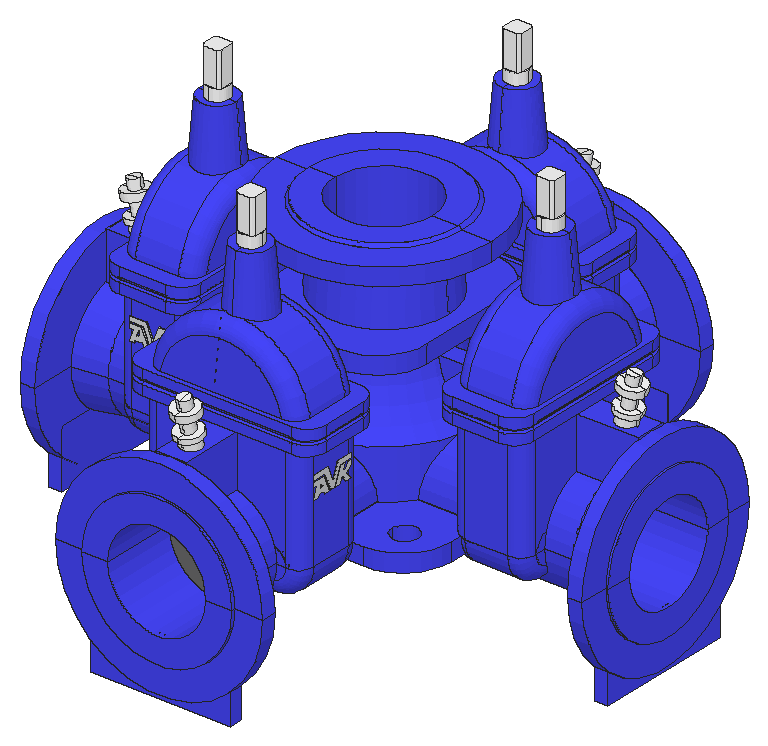
Revit family "18-70-003 DN100", category Pipe Accessories, Revit 2022
Family settings
  Round Connector Dimension = Use Diameter
  Part Type = Valve - Breaks Into
  Work Plane-Based = No
  Always vertical = Yes
  Cut with Voids When Loaded = No
  Shared = No
Parameters (values of type "DN100_PN10/16")
  main_dim1 = Bore_R * 1.25  # 62.5 mm
  body_dim1 = size_lookup(Search_table, "body_dim1", 0 mm, DN) * 0.7  # 98.7 mm
  P1 = size_lookup(Search_table, "p1", 0 mm, DN)  # 240 mm
  OD2 = OD1 * 1.1  # 66.55 mm
  OD1 = OD * 0.55  # 60.5 mm
  L_half = L / 4  # 145 mm
  L5 = L2 * 1.35  # 143.1 mm
  L2 = size_lookup(Search_table, "L2", 0 mm, DN) / 2  # 106 mm
  L-L1 = (L - L1) / 2  # 120 mm
  L1 = size_lookup(Search_table, "L1", 0 mm, DN)  # 340 mm
  H1 = size_lookup(Search_table, "H1", 0 mm, DN)  # 225 mm
  F3 = size_lookup(Search_table, "F3", 0 mm, DN)  # 35 mm
  W = size_lookup(Search_table, "W", 0 mm, DN) / 2  # 106 mm
  URL_product_pages = "https://www.avkvalves.com/P.aspx?no=18100700140000099"
  Search_table = "18-70-003 DN100"
  Raised_dis = size_lookup(Search_table, "Raised_dis", 0 mm, DN)  # 3 mm
  Raised_R = size_lookup(Search_table, "Raised_R", 0 mm, DN)  # 76.5 mm
  OD = size_lookup(Search_table, "OD", 0 mm, DN)  # 110 mm
  L = size_lookup(Search_table, "L", 0 mm, DN)  # 580 mm
  H3-H = H3 - H  # 110 mm
  H3 = size_lookup(Search_table, "H3", 0 mm, DN)  # 415 mm
  H = size_lookup(Search_table, "H", 0 mm, DN)  # 305 mm
  FL_T = size_lookup(Search_table, "FL_T", 0 mm, DN)  # 18 mm
  FL_R = size_lookup(Search_table, "FL_R", 0 mm, DN)  # 110 mm
  F2 = size_lookup(Search_table, "F2", 0 mm, DN)  # 47 mm
  F1 = size_lookup(Search_table, "F1", 0 mm, DN) / 2  # 11.5 mm
  F = size_lookup(Search_table, "F", 0 mm, DN) / 2  # 9.5 mm
  Dh = size_lookup(Search_table, "Dh", 0 mm, DN)  # 180 mm
  Description_ = "AVK COMBI-CROSS, FLANGED, 4 OUTLETS, PN10/16"
  Default Elevation = 0 mm
  DN100_PN10/16 = "18-100-70-0140000099"
  DN = 100 mm
  Bore_R = size_lookup(Search_table, "Bore_R", 0 mm, DN)  # 50 mm
  Body_H = size_lookup(Search_table, "Body_H", 0 mm, DN)  # 122 mm
  50 = 50 mm  # constant formula
  5 = 5 mm  # constant formula
  27 = 27 mm  # constant formula
  20 = 20 mm  # constant formula
  1 = 1 mm  # constant formula
Reference planes
  plane 1 "Center (Front/Back)": y = 0
  plane 2: z = 0
  plane 3 "Center (Left/Right)": x = 0
  plane 4: x = -290
  plane 5: x = 290
  plane 6: x = -146.9
  plane 7: x = 146.9
  plane 8: y = 290
  plane 9: y = -290
  plane 10: y = 145
  plane 11: y = -145
  plane 12: y = 170
  plane 13: y = -170
  plane 14: x = -170
  plane 15: x = 170
  plane 16: y = 106
  plane 17: y = -106
  plane 18: x = -106
  plane 19: x = 106
  plane 20: z = 50
  plane 21: z = -50
  plane 22: z = 50
  plane 23: z = 50
  plane 24: z = 305
  plane 25: z = -110
  plane 26: z = 225
  plane 27: z = 122
  plane 28: z = 258
  plane 29: z = 270
  plane 30: y = 11.5
  plane 31: y = -11.5
  plane 32: y = -179.5
  plane 33: y = -160.5
  plane 34: x = -11.5
  plane 35: x = -9.5
  plane 36: x = 9.5
  plane 37: x = 11.5
Forms (mm)
  Extrusion 1, solid, material "Laminate, Blue, Matte"
    sketch origin (0, 0, 0) x (1, 0, 0) y (0, 0, 1)
      loop
        circle (0, 0) r 50
      loop
        circle (0, 0) r 55
    from -170 to 170
  Revolve 2, solid, material "Laminate, Blue, Matte"
    sketch origin (0, 0, 0) x (1, 0, 0) y (0, 0, 1)
      loop
        line (-170, 55) -> (-170, 50) -> (170, 50) -> (170, 55) -> (-170, 55)
      axis (-170, 0) -> (170, 0)
    angle from 0 to 360
  Extrusion 3, solid, material "Laminate, Blue, Matte"
    sketch origin (-2005.196, -1524, 814.716) x (-1, 0, 0) y (0, -1, 0)
      loop
        arc (-1912.096, -1667.1) -> (-1876.74, -1652.455) -> (-1862.096, -1617.1) r 50
        line (-1862.096, -1617.1) -> (-1862.096, -1430.9)
        arc (-1862.096, -1430.9) -> (-1876.74, -1395.545) -> (-1912.096, -1380.9) r 50
        line (-1912.096, -1380.9) -> (-2098.296, -1380.9)
        arc (-2098.296, -1380.9) -> (-2133.651, -1395.545) -> (-2148.296, -1430.9) r 50
        line (-2148.296, -1430.9) -> (-2148.296, -1617.1)
        arc (-2148.296, -1617.1) -> (-2133.651, -1652.455) -> (-2098.296, -1667.1) r 50
        line (-2098.296, -1667.1) -> (-1912.096, -1667.1)
      loop
        circle (-1899.196, -1630) r 13.5
      loop
        circle (-2111.196, -1630) r 13.5
      loop
        circle (-1899.196, -1418) r 13.5
      loop
        circle (-2111.196, -1418) r 13.5
    from -814.716 to -832.716
  Revolve 4, solid, material "Laminate, Blue, Matte"
    sketch origin (0, 0, 0) x (1, 0, 0) y (0, 0, 1)
      loop
        line (0, 122) -> (-62.5, 122)
        arc (-62.5, 122) -> (-70.465, 81.551) -> (-97, 50) r 82.535
        line (-97, 50) -> (-97, -20)
        arc (-97, -20) -> (-50.758, -42.302) -> (0, -50) r 172.429
        line (0, -50) -> (0, 122)
      axis (0, 122) -> (0, -50)
    angle from 0 to 360
  Revolve 5, solid, material "Laminate, Blue, Matte"
    sketch origin (0, 0, 0) x (1, 0, 0) y (0, 0, 1)
      loop
        line (50, 225) -> (50, 122) -> (66.55, 122) -> (60.5, 204) -> (110, 204) -> (110, 222) -> (79.5, 222) -> (76.5, 225) -> (50, 225)
      axis (0, 225) -> (0, 122)
    angle from 0 to 360
  Extrusion 6, solid, material "Laminate, Blue, Matte"
    sketch origin (-693.189, -1524, 122) x (-1, 0, 0) y (0, -1, 0)
      loop
        arc (-660.638, -1622.7) -> (-625.283, -1608.055) -> (-610.638, -1572.7) r 50
        line (-610.638, -1572.7) -> (-610.638, -1475.3)
        arc (-610.638, -1475.3) -> (-625.283, -1439.945) -> (-660.638, -1425.3) r 50
        line (-660.638, -1425.3) -> (-725.74, -1425.3)
        arc (-725.74, -1425.3) -> (-761.095, -1439.945) -> (-775.74, -1475.3) r 50
        line (-775.74, -1475.3) -> (-775.74, -1572.7)
        arc (-775.74, -1572.7) -> (-761.095, -1608.055) -> (-725.74, -1622.7) r 50
        line (-725.74, -1622.7) -> (-660.638, -1622.7)
    from 0 to 18
  Extrusion 7, solid, material "Laminate, Blue, Matte"
    sketch origin (0, 0, 0) x (1, 0, 0) y (0, 0, 1)
      loop
        line (-170, 106) -> (-170, 0) -> (170, 0) -> (170, 106) -> (-170, 106)
    from -9.5 to 9.5
  Extrusion 8, solid, material "Laminate, Blue, Matte"
    sketch origin (0, 0, 0) x (0, 1, 0) y (0, 0, 1)
      loop
        line (170, 106) -> (-170, 106) -> (-170, 0) -> (170, 0) -> (170, 106)
    from -9.5 to 9.5
Dimensions and locks
  equal spacing: plane 5, plane 3 "Center (Left/Right)", plane 4
  "L": plane 5 to plane 4
  "L5": plane 6 to plane 4
  equal spacing: plane 7, plane 3 "Center (Left/Right)", plane 6
  equal spacing: plane 8, plane 1 "Center (Front/Back)", plane 9
  "L": plane 8 to plane 9
  equal spacing: plane 10, plane 1 "Center (Front/Back)", plane 11
  "L_half": plane 10 to plane 1 "Center (Front/Back)"
  plane 5 to plane 4 = 580 mm
  plane 8 to plane 9 = 580 mm  (x2)
  plane 9 to plane 8 = 580 mm
  plane 4 to plane 5 = 580 mm
  equal spacing: plane 14, plane 3 "Center (Left/Right)", plane 15
  equal spacing: plane 13, plane 1 "Center (Front/Back)", plane 12
  "L1": plane 13 to plane 12
  "L1": plane 14 to plane 15
  equal spacing: plane 17, plane 1 "Center (Front/Back)", plane 16
  plane 17 to plane 16 = 212 mm
  "L2": plane 1 "Center (Front/Back)" to plane 16
  equal spacing: plane 18, plane 3 "Center (Left/Right)", plane 19
  plane 18 to plane 19 = 212 mm  (x2)
  "L2": plane 18 to plane 3 "Center (Left/Right)"
  equal spacing: plane 20, level, plane 21
  "Bore_R": Extrusion 1 sketch curve to level
  "Bore_R": plane 20 to level
  "5": Extrusion 1 sketch curve to plane 20
  equal spacing: Extrusion 1 sketch curve, plane 3 "Center (Left/Right)", Extrusion 1 sketch curve  (x2)
  equal spacing: Extrusion 1, plane 1 "Center (Front/Back)", Extrusion 1
  "L-L1": plane 8 to Extrusion 1
  "L-L1": Revolve 2 sketch curve to plane 4
  equal spacing: Revolve 2 sketch curve, plane 3 "Center (Left/Right)", Revolve 2 sketch curve
  "Bore_R": plane 22 to level
  "5": Revolve 2 sketch curve to plane 22
  "Bore_R": plane 23 to level
  "H": plane 24 to level
  "H3-H": level to plane 25
  plane 24 to plane 25 = 415 mm  (x2)
  "H1": plane 26 to level
  "Body_H": plane 27 to level
  equal spacing: Extrusion 3 sketch curve, plane 3 "Center (Left/Right)", Extrusion 3 sketch curve  (x3)
  equal spacing: Extrusion 3 sketch curve, plane 1 "Center (Front/Back)", Extrusion 3 sketch curve  (x3)
  "L2": plane 1 "Center (Front/Back)" to Extrusion 3 sketch curve  (x2)
  "L2": Extrusion 3 sketch curve to plane 3 "Center (Left/Right)"  (x2)
  "L5": plane 1 "Center (Front/Back)" to Extrusion 3 sketch curve
  "L5": Extrusion 3 sketch curve to plane 3 "Center (Left/Right)"
  "FL_T": level to Extrusion 3
  "main_dim1": plane 3 "Center (Left/Right)" to Revolve 4 sketch curve
  "Bore_R": level to Revolve 4 sketch curve
  "Bore_R": Revolve 4 sketch curve to level
  "20": level to Revolve 4 sketch curve
  "OD1": Revolve 5 sketch curve to plane 3 "Center (Left/Right)"
  "OD2": Revolve 5 sketch curve to plane 3 "Center (Left/Right)"
  "Bore_R": Revolve 5 sketch curve to plane 3 "Center (Left/Right)"
  equal spacing: Extrusion 6 sketch curve, plane 3 "Center (Left/Right)", Extrusion 6 sketch curve
  equal spacing: Extrusion 6 sketch curve, plane 1 "Center (Front/Back)", Extrusion 6 sketch curve
  plane 3 "Center (Left/Right)" to Extrusion 6 sketch curve = 82.551 mm
  "body_dim1": plane 1 "Center (Front/Back)" to Extrusion 6 sketch curve
  "FL_T": Revolve 5 sketch curve to Revolve 5 sketch curve
  "Raised_R": Revolve 5 sketch curve to plane 3 "Center (Left/Right)"
  "Raised_dis": plane 26 to Revolve 5 sketch curve
  "OD": Revolve 5 sketch curve to plane 3 "Center (Left/Right)"
  "FL_T": Extrusion 6 to plane 27
  equal spacing: Extrusion 7 sketch curve, plane 3 "Center (Left/Right)", Extrusion 7 sketch curve
  "L-L1": Extrusion 7 sketch curve to plane 4
  "W": Extrusion 7 sketch curve to level
  equal spacing: Extrusion 7, plane 1 "Center (Front/Back)", Extrusion 7
  "F": Extrusion 7 to plane 1 "Center (Front/Back)"
  equal spacing: Extrusion 8 sketch curve, plane 1 "Center (Front/Back)", Extrusion 8 sketch curve
  "W": Extrusion 8 sketch curve to level
  equal spacing: Extrusion 8, plane 3 "Center (Left/Right)", Extrusion 8
  "F": plane 3 "Center (Left/Right)" to Extrusion 8
  plane 24 to level = 305 mm
  plane 26 to level = 225 mm
  "F3": plane 24 to plane 29
  "F2": plane 24 to plane 28
  equal spacing: plane 30, plane 1 "Center (Front/Back)", plane 31
  "F1": plane 30 to plane 1 "Center (Front/Back)"
  plane 30 to plane 31 = 23 mm
  "F": plane 33 to plane 13
  "F": plane 13 to plane 32
  plane 33 to plane 32 = 19 mm
  equal spacing: plane 37, plane 3 "Center (Left/Right)", plane 34
  equal spacing: plane 36, plane 3 "Center (Left/Right)", plane 35
  "F": plane 3 "Center (Left/Right)" to plane 35
  "F1": plane 3 "Center (Left/Right)" to plane 34
  plane 37 to plane 34 = 23 mm
  plane 36 to plane 35 = 19 mm
  plane 24 to plane 29 = 35 mm
  plane 24 to plane 28 = 47 mm
  "50": radius of Extrusion 3 sketch curve  (x4)
  "27": diameter of Extrusion 3 sketch curve  (x4)
  "50": radius of Extrusion 6 sketch curve  (x4)
  aligned and locked: level to plane 2
  aligned and locked: plane 22 to Revolve 2 sketch curve
  aligned and locked: Revolve 2 sketch curve to level
  aligned and locked: Extrusion 3 to level
  aligned and locked: Revolve 4 sketch curve to plane 27
  aligned and locked: Revolve 4 sketch curve to plane 3 "Center (Left/Right)"  (x2)
  aligned and locked: Revolve 5 sketch curve to plane 3 "Center (Left/Right)"
  aligned and locked: Extrusion 6 to plane 27
  aligned and locked: plane 26 to Revolve 5 sketch curve
  aligned and locked: level to Extrusion 7 sketch curve
  aligned and locked: plane 12 to Extrusion 8 sketch curve
  aligned and locked: level to Extrusion 8 sketch curve
  aligned and locked: plane 1 "Center (Front/Back)" to nested 1
  aligned and locked: plane 14 to nested 1
  aligned and locked: nested 2 to plane 3 "Center (Left/Right)"
  aligned and locked: plane 12 to nested 2
  aligned and locked: nested 3 to plane 1 "Center (Front/Back)"
  aligned and locked: plane 3 "Center (Left/Right)" to nested 4
  aligned and locked: plane 13 to nested 4
  aligned and locked: plane 5 to nested 3
  aligned and locked: level to nested 3
  aligned and locked: level to nested 1
Automatic sketch dimensions
  Extrusion 1 sketch curve to Extrusion 1 sketch curve = 0 mm
  Extrusion 1 sketch curve to level = 0 mm
  Revolve 2 sketch curve to plane 4 = 189.12 mm
  Revolve 2 sketch curve to plane 34 = 7.62 mm
  plane 18 to Revolve 4 sketch curve = 9 mm
  plane 6 to Revolve 4 sketch curve = 2.004 mm
  plane 3 "Center (Left/Right)" to Revolve 4 sketch curve = 0.189 mm
  Revolve 4 sketch curve to plane 25 = 49.041 mm
  plane 23 to Revolve 4 sketch curve = 30.959 mm
  Revolve 5 sketch curve to plane 27 = 0 mm
  Revolve 5 sketch curve to Revolve 5 sketch curve = 3 mm
  plane 27 to Revolve 5 sketch curve = 25.846 mm
  Revolve 5 sketch curve to plane 26 = 17.154 mm
Nested families
  nested 1: "DN100Single" at (-170, 0, 0), type "DN100Single"
  nested 2: "DN100Single" at (0, 170, 0) x (0, -1, 0) z (0, 0, 1), type "DN100Single"
  nested 3: "DN100Single" at (170, 0, 0) x (-1, 0, 0) z (0, 0, 1), type "DN100Single"
  nested 4: "DN100Single" at (0, -170, 0) x (0, 1, 0) z (0, 0, 1), type "DN100Single"
Connectors
  piping at (0, -290, 0), diameter 100, driven by "DN"
    settings: on nested 4, index 1, connector inside diameter 609.6 mm, connector length 0 mm, flow factor 0, pipe flow 0.0 L/s, pressure drop 0.0 Pa, fitting loss kfactor 0, connector angle 0.00°, fixture units 0, engagement length 0 mm, angle of deflection 0.00°, flow configuration 0, flow direction 0, fitting loss method 0, system type 7, joint type 0, gender type 0, connector reference index -1, connector utility 0, adjustable connector no, is connector primary yes, connector description ""
  piping at (290, 0, 0), diameter 100, driven by "DN"
    settings: on nested 3, index 2, connector inside diameter 609.6 mm, connector length 0 mm, flow factor 0, pipe flow 0.0 L/s, pressure drop 0.0 Pa, fitting loss kfactor 0, connector angle 0.00°, fixture units 0, engagement length 0 mm, angle of deflection 0.00°, flow configuration 0, flow direction 0, fitting loss method 0, system type 7, joint type 0, gender type 0, connector reference index -1, connector utility 0, adjustable connector no, is connector primary no, connector description ""
  piping at (0, 290, 0), diameter 100, driven by "DN"
    settings: on nested 2, index 3, connector inside diameter 609.6 mm, connector length 0 mm, flow factor 0, pipe flow 0.0 L/s, pressure drop 0.0 Pa, fitting loss kfactor 0, connector angle 0.00°, fixture units 0, engagement length 0 mm, angle of deflection 0.00°, flow configuration 0, flow direction 0, fitting loss method 0, system type 7, joint type 0, gender type 0, connector reference index -1, connector utility 0, adjustable connector no, is connector primary no, connector description ""
  piping at (-290, 0, 0), diameter 100, driven by "DN"
    settings: on nested 1, index 4, connector inside diameter 609.6 mm, connector length 0 mm, flow factor 0, pipe flow 0.0 L/s, pressure drop 0.0 Pa, fitting loss kfactor 0, connector angle 0.00°, fixture units 0, engagement length 0 mm, angle of deflection 0.00°, flow configuration 0, flow direction 0, fitting loss method 0, system type 7, joint type 0, gender type 0, connector reference index -1, connector utility 0, adjustable connector no, is connector primary no, connector description ""
Definition of nested family "DN100Single"
  Parameters (values of type "DN100Single")
    stem1 = F1 * 1.35  # 15.525 mm
    logo_H = Body_H * 0.5  # 61 mm
    Taper2 = Bore_R + 1.8 * Body_T  # 60.8 mm
    Taper1 = L5 * 0.35  # 67.667 mm
    P1 = size_lookup(Search_table, "p1", 0 mm, DN)  # 240 mm
    L_half = L / 4  # 145 mm
    L5 = L / 3  # 193.333 mm
    L2 = size_lookup(Search_table, "L2", 0 mm, DN)  # 212 mm
    L-L1 = L - L1  # 240 mm
    L1 = size_lookup(Search_table, "L1", 0 mm, DN)  # 340 mm
    H1 = size_lookup(Search_table, "H1", 0 mm, DN)  # 225 mm
    F3 = size_lookup(Search_table, "F3", 0 mm, DN)  # 35 mm
    Bore_Cut = Bore_R - 1 mm  # 49 mm
    Body_Rib = OD * 0.65  # 71.5 mm
    Wedge_L = Body_W * 0.85  # 32.3 mm
    W = size_lookup(Search_table, "W", 0 mm, DN) / 2  # 106 mm
    URL_product_pages = "https://www.avkvalves.com/P.aspx?no=0204075014649"
    Sweep _cut = Body_FL_T / 6  # 2.083 mm
    Stem = F2 / 2.5  # 18.8 mm
    Search_table = "18-70-003 DN100"
    Rib_T = FL_T - Raised_dis  # 15 mm
    Rib3_W = size_lookup(Search_table, "Rib3_W", 0 mm, DN)  # 60 mm
    Rib3_L = size_lookup(Search_table, "Rib3_L", 0 mm, DN)  # 120 mm
    Rib3_H = size_lookup(Search_table, "Rib3_H", 0 mm, DN)  # 72 mm
    Rib2_W = size_lookup(Search_table, "Rib2_W", 0 mm, DN)  # 60 mm
    Rib2_L = size_lookup(Search_table, "Rib2_L", 0 mm, DN)  # 120 mm
    Rib2_H = size_lookup(Search_table, "Rib2_H", 0 mm, DN)  # 72 mm
    Rib1_W = size_lookup(Search_table, "Rib1_W", 0 mm, DN)  # 60 mm
    Rib1_T = size_lookup(Search_table, "Rib1_T", 0 mm, DN) / 2  # 5 mm
    Rib1_R = size_lookup(Search_table, "Rib1_R", 0 mm, DN)  # 20 mm
    Rib1_L = size_lookup(Search_table, "Rib1_L", 0 mm, DN)  # 120 mm
    Rib1_H = size_lookup(Search_table, "Rib1_H", 0 mm, DN)  # 72 mm
    Raised_dis = size_lookup(Search_table, "Raised_dis", 0 mm, DN)  # 3 mm
    Raised_R = size_lookup(Search_table, "Raised_R", 0 mm, DN)  # 76.5 mm
    RIB_T = Raised_dis * 2  # 6 mm
    RIB_L1 = W * 0.65  # 68.9 mm
    OD = size_lookup(Search_table, "OD", 0 mm, DN)  # 110 mm
    L = size_lookup(Search_table, "L", 0 mm, DN)  # 580 mm
    H3-H = H3 - H  # 110 mm
    H3 = size_lookup(Search_table, "H3", 0 mm, DN)  # 415 mm
    H = size_lookup(Search_table, "H", 0 mm, DN)  # 305 mm
    FL_T = size_lookup(Search_table, "FL_T", 0 mm, DN)  # 18 mm
    FL_R = size_lookup(Search_table, "FL_R", 0 mm, DN)  # 110 mm
    F2 = size_lookup(Search_table, "F2", 0 mm, DN)  # 47 mm
    F1 = size_lookup(Search_table, "F1", 0 mm, DN) / 2  # 11.5 mm
    F = size_lookup(Search_table, "F", 0 mm, DN) / 2  # 9.5 mm
    Ds = size_lookup(Search_table, "Ds", 0 mm, DN)  # 19 mm
    Dh = size_lookup(Search_table, "Dh", 0 mm, DN)  # 180 mm
    Description_ = "AVK GATE VALVE, FLANGED, PN10/16"
    Default Elevation = 0 mm
    DN350_PN16 = "02-350-75-016"
    DN350_PN10 = "02-350-75-006"
    DN250_PN16 = "02-250-75-014649"
    DN250_PN10 = "02-250-75-004649"
    DN200_PN16 = "02-200-75-014649"
    DN200_PN10 = "02-200-75-004649"
    DN150_PN10/16 = "02-150-75-014649"
    DN100_PN10/16 = "02-100-75-014649"
    DN = 100 mm
    Bore_R = size_lookup(Search_table, "Bore_R", 0 mm, DN)  # 50 mm
    Bonnet_dim3 = F1 * 2.5  # 28.75 mm
    Bonnet_dim2 = Body_FL_W * 0.7  # 30.59 mm
    Bonnet_dim1 = F1 * 4.2  # 48.3 mm
    Bonnet_d2 = Body_W * 0.5  # 19 mm
    Bonnet_d1 = Body_W * 0.8  # 30.4 mm
    Bonnet_L = Body_L * 0.97  # 79.54 mm
    Body_dim = size_lookup(Search_table, "Body_dim", 0 mm, DN)  # 50 mm
    Body_bottom = Body_L - 30 mm  # 52 mm
    Body_W = size_lookup(Search_table, "Body_W", 0 mm, DN) / 2  # 38 mm
    Body_T = size_lookup(Search_table, "Body_T", 0 mm, DN)  # 6 mm
    Body_R = size_lookup(Search_table, "Body_R", 0 mm, DN)  # 16 mm
    Body_L = size_lookup(Search_table, "Body_L", 0 mm, DN) / 2  # 82 mm
    Body_H = size_lookup(Search_table, "Body_H", 0 mm, DN)  # 122 mm
    Body_FL_rib_dim1 = (L / 2) - FL_T  # 272 mm
    Body_FL_rib_dim = H - 30 mm  # 275 mm
    Body_FL_arc = size_lookup(Search_table, "Body_FL_arc", 0 mm, DN)  # 400 mm
    Body_FL_W = Body_W * 1.15  # 43.7 mm
    Body_FL_T = size_lookup(Search_table, "Body_FL_T", 0 mm, DN) / 2  # 12.5 mm
    Body_FL_R = size_lookup(Search_table, "Body_FL_R", 0 mm, DN)  # 20 mm
    Body_FL_L = size_lookup(Search_table, "Body_FL_L", 0 mm, DN) / 2  # 96 mm
    Body_Arc = size_lookup(Search_table, "Body_Arc", 0 mm, DN)  # 220 mm
    8 = 8 mm  # constant formula
    5 = 5 mm  # constant formula
    Wedge_dim = size_lookup(Search_table, "Wedge_dim", 0 mm, DN)  # 1 mm
    27 = 27 mm  # constant formula
    1 = 1 mm  # constant formula
  Reference planes
    plane 1 "Center (Front/Back)": y = 0
    plane 2: z = 0
    plane 3 "Center (Left/Right)": x = 0
    plane 4: y = 82
    plane 5: y = -82
    plane 6: x = -38
    plane 7: x = 38
    plane 8: x = -22
    plane 9: x = 22
    plane 10: y = 66
    plane 11: y = -66
    plane 12: z = 122
    plane 13: z = 109.5
    plane 14: z = 50
    plane 15 "RIB_W": y = -60
    plane 16 "RIB_L": x = -30
    plane 17 "RIB_M": x = 30
    plane 18 "RIB_N": y = 60
    plane 19: y = 96
    plane 20: y = -96
    plane 21: x = -43.7
    plane 22: x = 43.7
    plane 23: y = 76
    plane 24: y = -76
    plane 25: x = -23.7
    plane 26: x = 23.7
    plane 27: z = 50
    plane 28: z = 50
    plane 29: z = 0
    plane 30: x = -11.5
    plane 31: x = 11.5
    plane 32: y = 96
    plane 33: y = -96
    plane 34: z = 305
    plane 35: y = 11.5
    plane 36: y = -11.5
    plane 37: z = 270
    plane 38: z = 258
    plane 39: x = -9.5
    plane 40: x = 9.5
    plane 41: z = -1
    plane 42: z = 110
    plane 43: y = 106
    plane 44: y = 96
    plane 45: y = -106
    plane 46: y = -96
    plane 47: z = -110
    plane 48: x = 120
    plane 49: x = -120
    plane 50: through (-76.629, -1524, 102.132) normal (-0.9848, 0, -0.1736)
  Forms (mm)
    Revolve 1, solid
      sketch origin (0, 0, 0) x (1, 0, 0) y (0, 1, 0)
        loop
          line (-120, 50) -> (147, 50) -> (147, 56) -> (-67.667, 56) -> (-102, 60.8) -> (-102, 106) -> (-117, 106) -> (-117, 76.5) -> (-120, 76.5) -> (-120, 50)
        axis (147, 0) -> (-120, 0)
      angle from 0 to 360
    Extrusion 2, solid
      sketch origin (0, 0, 0) x (1, 0, 0) y (0, 1, 0)
        loop
          line (-38, 66) -> (-38, -66)
          arc (-38, -66) -> (-33.314, -77.314) -> (-22, -82) r 16
          line (-22, -82) -> (22, -82)
          arc (22, -82) -> (33.314, -77.314) -> (38, -66) r 16
          line (38, -66) -> (38, 66)
          arc (38, 66) -> (33.314, 77.314) -> (22, 82) r 16
          line (22, 82) -> (-22, 82)
          arc (-22, 82) -> (-33.314, 77.314) -> (-38, 66) r 16
      from -1 to 122
    Extrusion 3, solid
      sketch origin (0, 1854.182, 50) x (0, 1, 0) y (-1, 0, 0)
        loop
          arc (-1758.182, 23.7) -> (-1764.04, 37.842) -> (-1778.182, 43.7) r 20
          line (-1778.182, 43.7) -> (-1930.182, 43.7)
          arc (-1930.182, 43.7) -> (-1944.324, 37.842) -> (-1950.182, 23.7) r 20
          line (-1950.182, 23.7) -> (-1950.182, -23.7)
          arc (-1950.182, -23.7) -> (-1944.324, -37.842) -> (-1930.182, -43.7) r 20
          line (-1930.182, -43.7) -> (-1778.182, -43.7)
          arc (-1778.182, -43.7) -> (-1764.04, -37.842) -> (-1758.182, -23.7) r 20
          line (-1758.182, -23.7) -> (-1758.182, 23.7)
      from 59.5 to 84.5
    Extrusion 4, solid
      sketch origin (0, 1854.182, 50) x (0, 1, 0) y (-1, 0, 0)
        loop
          arc (-1794.182, 10) -> (-1800.04, 24.142) -> (-1814.182, 30) r 20
          line (-1814.182, 30) -> (-1894.182, 30)
          arc (-1894.182, 30) -> (-1908.324, 24.142) -> (-1914.182, 10) r 20
          line (-1914.182, 10) -> (-1914.182, -10)
          arc (-1914.182, -10) -> (-1908.324, -24.142) -> (-1894.182, -30) r 20
          line (-1894.182, -30) -> (-1814.182, -30)
          arc (-1814.182, -30) -> (-1800.04, -24.142) -> (-1794.182, -10) r 20
          line (-1794.182, -10) -> (-1794.182, 10)
      from 5 to -5
    Sweep 5, void
      path in 3D
        loop
          arc (23.7, -96, 134.5) -> (37.842, -90.142, 134.5) -> (43.7, -76, 134.5) r 20
          line (43.7, -76, 134.5) -> (43.7, 76, 134.5)
          arc (43.7, 76, 134.5) -> (37.842, 90.142, 134.5) -> (23.7, 96, 134.5) r 20
          line (23.7, 96, 134.5) -> (-23.7, 96, 134.5)
          arc (-23.7, 96, 134.5) -> (-37.842, 90.142, 134.5) -> (-43.7, 76, 134.5) r 20
          line (-43.7, 76, 134.5) -> (-43.7, -76, 134.5)
          arc (-43.7, -76, 134.5) -> (-37.842, -90.142, 134.5) -> (-23.7, -96, 134.5) r 20
          line (-23.7, -96, 134.5) -> (23.7, -96, 134.5)
      profile origin (0, -96, 134.5) x (0, 1, 0) y (0, 0, 1)
        loop
          circle (0, -12.5) r 2.083
    Extrusion 6, solid
      sketch origin (0, 1323.169, 122) x (0, 1, 0) y (-1, 0, 0)
        loop
          arc (-1263.169, 10) -> (-1269.027, 24.142) -> (-1283.169, 30) r 20
          line (-1283.169, 30) -> (-1363.169, 30)
          arc (-1363.169, 30) -> (-1377.311, 24.142) -> (-1383.169, 10) r 20
          line (-1383.169, 10) -> (-1383.169, -10)
          arc (-1383.169, -10) -> (-1377.311, -24.142) -> (-1363.169, -30) r 20
          line (-1363.169, -30) -> (-1283.169, -30)
          arc (-1283.169, -30) -> (-1269.027, -24.142) -> (-1263.169, -10) r 20
          line (-1263.169, -10) -> (-1263.169, 10)
      from -77 to -67
    Extrusion 7, solid
      sketch origin (0, 1323.169, 122) x (0, 1, 0) y (-1, 0, 0)
        loop
          arc (-1263.169, 10) -> (-1269.027, 24.142) -> (-1283.169, 30) r 20
          line (-1283.169, 30) -> (-1363.169, 30)
          arc (-1363.169, 30) -> (-1377.311, 24.142) -> (-1383.169, 10) r 20
          line (-1383.169, 10) -> (-1383.169, -10)
          arc (-1383.169, -10) -> (-1377.311, -24.142) -> (-1363.169, -30) r 20
          line (-1363.169, -30) -> (-1283.169, -30)
          arc (-1283.169, -30) -> (-1269.027, -24.142) -> (-1263.169, -10) r 20
          line (-1263.169, -10) -> (-1263.169, 10)
      from -67 to -77
    Extrusion 8, solid
      sketch origin (0, 0, 0) x (0, 1, 0) y (0, 0, -1)
        loop
          line (71.5, 110) -> (-71.5, 110) -> (-71.5, 50) -> (71.5, 50) -> (71.5, 110)
      from 102 to 115
    Extrusion 9, solid
      sketch origin (0, 196.792, 109.5) x (0, 1, 0) y (-1, 0, 0)
        loop
          circle (-196.792, 0) r 11.5
      from 148.5 to 160.5
    Revolve 10, solid
      sketch origin (0, 1323.169, 122) x (0, 1, 0) y (-1, 0, 0)
        loop
          arc (-1243.629, 22) -> (-1248.316, 33.314) -> (-1259.629, 38) r 16
          line (-1259.629, 38) -> (-1323.169, 38) -> (-1323.169, -38) -> (-1259.629, -38)
          arc (-1259.629, -38) -> (-1248.316, -33.314) -> (-1243.629, -22) r 16
          line (-1243.629, -22) -> (-1243.629, 22)
        axis (-1323.169, -38) -> (-1323.169, 38)
      angle from -180 to 0
    Revolve 11, solid
      sketch origin (0, 0, 0) x (1, 0, 0) y (0, 0, 1)
        loop
          line (19, 258) -> (0, 258) -> (0, 122) -> (30.4, 122) -> (19, 258)
        axis (0, 258) -> (0, 122)
      angle from 0 to 360
    Extrusion 12, void
      sketch origin (0, 0, 0) x (0, -1, 0) y (0, 0, 1)
        loop
          circle (0, 0) r 50
      from -30 to 30
    Revolve 13, solid
      sketch origin (-660.515, -1524, -1) x (-1, 0, 0) y (0, -1, 0)
        loop
          arc (-638.515, -1606) -> (-627.201, -1601.314) -> (-622.515, -1590) r 16
          line (-622.515, -1590) -> (-622.515, -1574) -> (-698.515, -1574) -> (-698.515, -1590)
          arc (-698.515, -1590) -> (-693.828, -1601.314) -> (-682.515, -1606) r 16
          line (-682.515, -1606) -> (-638.515, -1606)
        axis (-698.515, -1574) -> (-622.515, -1574)
      angle from 0 to 360
    Revolve 14, solid
      sketch origin (-660.515, -1524, -1) x (-1, 0, 0) y (0, -1, 0)
        loop
          arc (-622.515, -1458) -> (-627.201, -1446.686) -> (-638.515, -1442) r 16
          line (-638.515, -1442) -> (-682.515, -1442)
          arc (-682.515, -1442) -> (-693.828, -1446.686) -> (-698.515, -1458) r 16
          line (-698.515, -1458) -> (-698.515, -1474) -> (-622.515, -1474) -> (-622.515, -1458)
        axis (-622.515, -1474) -> (-698.515, -1474)
      angle from 0 to 360
    Extrusion 15, solid
      sketch origin (0, 0, 0) x (0, 1, 0) y (0, 0, 1)
        loop
          circle (0, 0) r 50
      from -43 to 43
    Extrusion 16, solid
      sketch origin (0, 0, 0) x (1, 0, 0) y (0, 0, 1)
        loop
          line (-102, 106) -> (-102, 55) -> (-67.667, 50) -> (-38, 50) -> (-38, 106) -> (-102, 106)
      from -15.525 to 15.525
    Revolve 17, solid
      sketch origin (0, 0, 0) x (1, 0, 0) y (0, 0, 1)
        loop
          line (-77.311, 106) -> (-66.972, 106) -> (-69.092, 118.025) -> (-65.796, 118.606) -> (-66.664, 123.53) -> (-73.563, 122.314) -> (-76.333, 138.023) -> (-69.434, 139.24) -> (-70.673, 146.263) -> (-77.571, 145.046) -> (-79.252, 154.578) -> (-85.677, 153.445) -> (-77.311, 106)
        axis (-85.677, 153.445) -> (-76.999, 104.232)
      angle from 0 to 360
    Extrusion 18, solid
      sketch origin (0, 311.749, 270) x (0, 1, 0) y (-1, 0, 0)
        loop
          arc (-302.249, 6.481) -> (-303.617, 8.132) -> (-305.268, 9.5) r 11.5
          line (-305.268, 9.5) -> (-318.23, 9.5)
          arc (-318.23, 9.5) -> (-319.881, 8.132) -> (-321.249, 6.481) r 11.5
          line (-321.249, 6.481) -> (-321.249, -6.481)
          arc (-321.249, -6.481) -> (-319.881, -8.132) -> (-318.23, -9.5) r 11.5
          line (-318.23, -9.5) -> (-305.268, -9.5)
          arc (-305.268, -9.5) -> (-303.617, -8.132) -> (-302.249, -6.481) r 11.5
          line (-302.249, -6.481) -> (-302.249, 6.481)
      from 0 to 35
  Cuts and joins
    Sweep 5 cuts Extrusion 3
    Extrusion 12 cuts Revolve 1
    Extrusion 12 cuts Extrusion 2
    Extrusion 12 cuts Extrusion 7
  Lines and regions (mm)
    sketch lines
      curve 1: line (-23.7, -96, 134.5) -> (23.7, -96, 134.5)
      curve 2: line (23.7, 96, 134.5) -> (-23.7, 96, 134.5)
      curve 3: arc (-43.7, 76, 134.5) -> (-37.842, 90.142, 134.5) -> (-23.7, 96, 134.5) r 20
      curve 4: line (-43.7, 76, 134.5) -> (-43.7, -76, 134.5)
      curve 5: arc (-23.7, -96, 134.5) -> (-37.842, -90.142, 134.5) -> (-43.7, -76, 134.5) r 20
      curve 6: arc (43.7, -76, 134.5) -> (37.842, -90.142, 134.5) -> (23.7, -96, 134.5) r 20
      curve 7: line (43.7, -76, 134.5) -> (43.7, 76, 134.5)
      curve 8: arc (23.7, 96, 134.5) -> (37.842, 90.142, 134.5) -> (43.7, 76, 134.5) r 20
  Dimensions and locks
    "Bore_R": plane 1 "Center (Front/Back)" to Revolve 1 sketch curve
    "W": plane 1 "Center (Front/Back)" to Revolve 1 sketch curve
    "Raised_R": plane 1 "Center (Front/Back)" to Revolve 1 sketch curve
    "Body_T": Revolve 1 sketch curve to Revolve 1 sketch curve
    equal spacing: plane 4, plane 1 "Center (Front/Back)", plane 5
    "Body_L": plane 4 to plane 1 "Center (Front/Back)"
    "Body_W": plane 6 to plane 3 "Center (Left/Right)"
    equal spacing: plane 8, plane 3 "Center (Left/Right)", plane 9
    equal spacing: plane 10, plane 1 "Center (Front/Back)", plane 11
    "Body_R": plane 6 to plane 8
    "Body_R": plane 4 to plane 10
    plane 4 to plane 10 = 16 mm
    "Body_H": plane 12 to plane 2
    equal spacing: plane 6, plane 3 "Center (Left/Right)", plane 7
    "Body_FL_T": plane 12 to plane 13
    equal spacing: plane 16 "RIB_L", plane 3 "Center (Left/Right)", plane 17 "RIB_M"
    equal spacing: plane 15 "RIB_W", plane 1 "Center (Front/Back)", plane 18 "RIB_N"
    "Rib1_L": plane 15 "RIB_W" to plane 18 "RIB_N"
    "Rib1_W": plane 16 "RIB_L" to plane 17 "RIB_M"
    equal spacing: plane 21, plane 3 "Center (Left/Right)", plane 22  (x2)
    equal spacing: plane 19, plane 1 "Center (Front/Back)", plane 20
    "Body_FL_W": plane 21 to plane 3 "Center (Left/Right)"
    "Body_FL_L": plane 1 "Center (Front/Back)" to plane 19
    equal spacing: plane 23, plane 1 "Center (Front/Back)", plane 24
    equal spacing: plane 25, plane 3 "Center (Left/Right)", plane 26
    "Body_FL_R": plane 19 to plane 23
    "Body_FL_R": plane 21 to plane 25
    "Body_FL_T": Extrusion 3 to plane 12
    "Rib1_T": Extrusion 4 to plane 14
    "Rib1_T": plane 14 to Extrusion 4
    plane 29 to level = 0 mm
    "Sweep _cut": Sweep 5 sketch curve to plane 12
    "Body_FL_L": plane 1 "Center (Front/Back)" to Sweep 5 sketch curve
    equal spacing: Extrusion 4 sketch curve, plane 3 "Center (Left/Right)", Extrusion 4 sketch curve
    equal spacing: Extrusion 4 sketch curve, plane 1 "Center (Front/Back)", Extrusion 4 sketch curve
    "Rib1_W": Extrusion 4 sketch curve to Extrusion 4 sketch curve
    "Rib1_L": Extrusion 4 sketch curve to Extrusion 4 sketch curve
    equal spacing: Extrusion 6 sketch curve, plane 3 "Center (Left/Right)", Extrusion 6 sketch curve
    equal spacing: Extrusion 6 sketch curve, plane 1 "Center (Front/Back)", Extrusion 6 sketch curve
    Extrusion 6 sketch curve to Extrusion 6 sketch curve = 60 mm
    "Rib2_L": Extrusion 6 sketch curve to Extrusion 6 sketch curve
    "Rib2_W": Extrusion 6 sketch curve to Extrusion 6 sketch curve
    "Rib1_T": Extrusion 6 to plane 27
    "Rib1_T": plane 27 to Extrusion 6
    equal spacing: Extrusion 7 sketch curve, plane 3 "Center (Left/Right)", Extrusion 7 sketch curve
    equal spacing: Extrusion 7 sketch curve, plane 1 "Center (Front/Back)", Extrusion 7 sketch curve
    "Rib3_W": Extrusion 7 sketch curve to Extrusion 7 sketch curve
    "Rib3_L": Extrusion 7 sketch curve to Extrusion 7 sketch curve
    "Rib1_T": Extrusion 7 to plane 28
    "Rib1_T": plane 28 to Extrusion 7
    "logo_H": nested 1 to level
    equal spacing: plane 31, plane 3 "Center (Left/Right)", plane 30
    "F1": plane 3 "Center (Left/Right)" to plane 30
    plane 31 to plane 30 = 23 mm  (x2)
    equal spacing: plane 32, plane 1 "Center (Front/Back)", plane 33
    "Body_FL_L": plane 32 to plane 1 "Center (Front/Back)"
    plane 32 to plane 33 = 192 mm
    equal spacing: Extrusion 8 sketch curve, plane 1 "Center (Front/Back)", Extrusion 8 sketch curve
    "Body_Rib": Extrusion 8 sketch curve to plane 1 "Center (Front/Back)"
    "Bore_R": level to Extrusion 8 sketch curve
    plane 3 "Center (Left/Right)" to Extrusion 8 = 102 mm
    "H": plane 34 to plane 2
    equal spacing: plane 35, plane 1 "Center (Front/Back)", plane 36
    "F1": plane 35 to plane 1 "Center (Front/Back)"
    equal spacing: Extrusion 9 sketch curve, plane 3 "Center (Left/Right)", Extrusion 9 sketch curve
    equal spacing: Extrusion 9 sketch curve, plane 1 "Center (Front/Back)", Extrusion 9 sketch curve
    "F3": plane 34 to Extrusion 9
    "F3": plane 34 to plane 37
    equal spacing: Revolve 10 sketch curve, plane 3 "Center (Left/Right)", Revolve 10 sketch curve
    "Body_W": Revolve 10 sketch curve to plane 3 "Center (Left/Right)"
    "Bonnet_L": plane 1 "Center (Front/Back)" to Revolve 10 sketch curve
    "Bonnet_d2": Revolve 11 sketch curve to plane 3 "Center (Left/Right)"
    "Bonnet_d1": Revolve 11 sketch curve to plane 3 "Center (Left/Right)"
    equal spacing: plane 40, plane 3 "Center (Left/Right)", plane 39
    "F": plane 3 "Center (Left/Right)" to plane 39
    plane 39 to plane 40 = 19 mm
    equal spacing: Extrusion 12 sketch curve, level, Extrusion 12 sketch curve
    equal spacing: Extrusion 12 sketch curve, plane 1 "Center (Front/Back)", Extrusion 12 sketch curve
    "Wedge_dim": level to plane 41
    "Taper2": plane 1 "Center (Front/Back)" to Revolve 1 sketch curve
    Revolve 1 sketch curve to plane 3 "Center (Left/Right)" = 67.667 mm
    "Taper1": Revolve 1 sketch curve to plane 3 "Center (Left/Right)"
    "Rib1_H": plane 12 to plane 14
    "Rib2_H": plane 12 to plane 27
    "Rib3_H": plane 12 to plane 28
    "Body_dim": plane 1 "Center (Front/Back)" to Revolve 13 sketch curve
    "Body_dim": Revolve 14 sketch curve to plane 1 "Center (Front/Back)"
    equal spacing: Extrusion 15 sketch curve, plane 1 "Center (Front/Back)", Extrusion 15 sketch curve
    equal spacing: Extrusion 15, plane 3 "Center (Left/Right)", Extrusion 15
    equal spacing: Extrusion 15 sketch curve, level, Extrusion 15 sketch curve
    "H3-H": plane 42 to level
    equal spacing: plane 43, plane 1 "Center (Front/Back)", plane 45
    equal spacing: plane 44, plane 1 "Center (Front/Back)", plane 46
    "W": plane 43 to plane 1 "Center (Front/Back)"
    "Body_FL_L": plane 44 to plane 1 "Center (Front/Back)"
    plane 43 to plane 45 = 212 mm  (x2)
    plane 44 to plane 46 = 192 mm  (x2)
    "H3-H": level to Extrusion 8
    "H3": plane 34 to plane 47
    equal spacing: plane 49, plane 3 "Center (Left/Right)", plane 48
    "L-L1": plane 49 to plane 48
    "5": plane 49 to Extrusion 8
    Extrusion 8 to plane 3 "Center (Left/Right)" = 115 mm
    "5": plane 6 to Extrusion 15
    "F2": plane 34 to plane 38
    plane 30 to plane 31 = 23 mm
    plane 35 to plane 36 = 23 mm
    plane 49 to plane 48 = 240 mm
    plane 34 to plane 47 = 415 mm
    "FL_T": plane 49 to Extrusion 16 sketch curve
    "W": Extrusion 16 sketch curve to level
    "Bore_R": Extrusion 16 sketch curve to level
    "Taper1": plane 3 "Center (Left/Right)" to Extrusion 16 sketch curve
    "5": Extrusion 16 sketch curve to plane 28
    equal spacing: Extrusion 16, plane 1 "Center (Front/Back)", Extrusion 16
    "stem1": Extrusion 16 to plane 1 "Center (Front/Back)"
    "Raised_dis": plane 49 to Revolve 1 sketch curve
    "FL_T": plane 49 to Revolve 1 sketch curve
    "27": plane 48 to Revolve 1 sketch curve
    equal spacing: Extrusion 18 sketch curve, plane 3 "Center (Left/Right)", Extrusion 18 sketch curve
    equal spacing: Extrusion 18 sketch curve, plane 1 "Center (Front/Back)", Extrusion 18 sketch curve
    "F": Extrusion 18 sketch curve to plane 3 "Center (Left/Right)"
    "F": plane 1 "Center (Front/Back)" to Extrusion 18 sketch curve
    "Sweep _cut": radius of Sweep 5 sketch curve
    "Rib1_R": radius of Extrusion 4 sketch curve  (x4)
    "Rib1_R": radius of Extrusion 6 sketch curve  (x4)
    "Rib1_R": radius of Extrusion 7 sketch curve  (x4)
    "F1": radius of Extrusion 9 sketch curve
    "Body_R": radius of Revolve 10 sketch curve  (x2)
    "Bore_R": radius of Extrusion 12 sketch curve
    "Bore_R": radius of Extrusion 15 sketch curve
    angle plane 3 "Center (Left/Right)" to plane 50 = 10.00°
    aligned and locked: level to plane 2
    aligned and locked: plane 1 "Center (Front/Back)" to Revolve 1 sketch curve
    aligned and locked: plane 6 to Extrusion 2 sketch curve  (x2)
    aligned and locked: plane 10 to Extrusion 2 sketch curve
    aligned and locked: plane 8 to Extrusion 2 sketch curve  (x2)
    aligned and locked: plane 4 to Extrusion 2 sketch curve
    aligned and locked: Extrusion 2 sketch curve to plane 10
    aligned and locked: Extrusion 2 sketch curve to plane 4
    aligned and locked: plane 9 to Extrusion 2 sketch curve  (x2)
    aligned and locked: plane 7 to Extrusion 2 sketch curve  (x2)
    aligned and locked: plane 11 to Extrusion 2 sketch curve  (x2)
    aligned and locked: plane 5 to Extrusion 2 sketch curve
    aligned and locked: Extrusion 2 sketch curve to plane 5
    aligned and locked: plane 12 to Extrusion 2
    aligned and locked: plane 25 to Extrusion 3 sketch curve
    aligned and locked: plane 19 to Extrusion 3 sketch curve  (x2)
    aligned and locked: plane 21 to Extrusion 3 sketch curve  (x2)
    aligned and locked: plane 23 to Extrusion 3 sketch curve  (x2)
    aligned and locked: plane 26 to Extrusion 3 sketch curve  (x2)
    aligned and locked: plane 22 to Extrusion 3 sketch curve  (x2)
    aligned and locked: plane 20 to Extrusion 3 sketch curve  (x2)
    aligned and locked: Extrusion 3 sketch curve to plane 25
    aligned and locked: plane 24 to Extrusion 3 sketch curve  (x2)
    aligned and locked: Extrusion 3 to plane 13
    aligned and locked: plane 3 "Center (Left/Right)" to nested 1
    aligned and locked: Revolve 10 sketch curve to plane 1 "Center (Front/Back)"
    aligned and locked: plane 1 "Center (Front/Back)" to Revolve 10 sketch curve
    aligned and locked: plane 12 to Revolve 10
    aligned and locked: Revolve 10 to plane 12
    aligned and locked: Revolve 11 sketch curve to plane 3 "Center (Left/Right)"
    aligned and locked: plane 38 to Revolve 11 sketch curve
    aligned and locked: Revolve 11 sketch curve to plane 12
    aligned and locked: plane 3 "Center (Left/Right)" to Revolve 11 sketch curve
    aligned and locked: Extrusion 12 to plane 16 "RIB_L"
    aligned and locked: Extrusion 12 to plane 17 "RIB_M"
    aligned and locked: cut or joined group of Extrusion 2, Extrusion 12 to plane 41
    aligned and locked: Revolve 13 sketch curve to cut or joined group of Extrusion 2, Extrusion 12  (x2)
    aligned and locked: Revolve 13 sketch curve to Revolve 13 sketch curve
    aligned and locked: Revolve 14 sketch curve to cut or joined group of Extrusion 2, Extrusion 12  (x2)
    aligned and locked: Revolve 14 sketch curve to Revolve 14 sketch curve
    aligned and locked: Extrusion 8 to cut or joined group of Revolve 1, Extrusion 12
    aligned and locked: Extrusion 9 to plane 38
    aligned and locked: plane 6 to Extrusion 16 sketch curve
    aligned and locked: plane 49 to Revolve 1 sketch curve
    aligned and locked: plane 50 to Revolve 17 sketch curve  (x2)
    aligned and locked: Revolve 17 sketch curve to Extrusion 16
    aligned and locked: Revolve 17 sketch curve to Revolve 17 sketch curve  (x2)
    aligned and locked: Extrusion 18 to plane 37
    aligned and locked: plane 34 to Extrusion 18
    aligned and locked: Extrusion 18 sketch curve to Extrusion 9  (x3)
  Automatic sketch dimensions
    Revolve 17 sketch curve to Revolve 17 sketch curve = 0.26 mm
    Revolve 17 sketch curve to Revolve 17 sketch curve = 1.681 mm
    plane 12 to Revolve 17 sketch curve = 16.023 mm
    Revolve 17 sketch curve to Revolve 17 sketch curve = 1.238 mm
    plane 12 to Revolve 17 sketch curve = 0.314 mm
    Revolve 17 sketch curve to plane 12 = 3.975 mm
    Revolve 17 sketch curve to Revolve 17 sketch curve = 4.471 mm
    plane 12 to Revolve 17 sketch curve = 1.53 mm
    plane 42 to Revolve 17 sketch curve = 3.671 mm
    plane 12 to Revolve 17 sketch curve = 16.291 mm
    plane 30 to Revolve 1 sketch curve = 0.26 mm
    Revolve 1 sketch curve to plane 7 = 0.277 mm
    Extrusion 8 sketch curve to plane 47 = 0 mm
    Revolve 10 sketch curve to Revolve 10 sketch curve = 1.796 mm
    Revolve 10 sketch curve to plane 6 = 1.704 mm
    Revolve 11 sketch curve to Revolve 11 sketch curve = 7.887 mm
    Revolve 11 sketch curve to plane 38 = 10.513 mm
    plane 16 "RIB_L" to Revolve 13 sketch curve = 3.637 mm
    Revolve 13 sketch curve to Revolve 13 sketch curve = 8.334 mm
    plane 16 "RIB_L" to Revolve 14 sketch curve = 5.559 mm
    plane 6 to Revolve 14 sketch curve = 0.559 mm
    Extrusion 18 sketch curve to Extrusion 18 sketch curve = 0 mm  (x2)
    Extrusion 18 sketch curve to Extrusion 18 sketch curve = 3.019 mm
  Nested families
    nested 1: "LOGO LV Final" at (0, -82, 49.565) x (1, 0, 0) z (0, -1, 0), type "LOGO LV Final"
  Definition of nested family "LOGO LV Final"
    Parameters (values of type "LOGO LV Final")
      Default Elevation = 1219.2 mm
    Reference planes
      plane 1 "Center (Front/Back)": y = 0
      plane 2: z = 0
      plane 3 "Center (Left/Right)": x = 0
    Forms (mm)
      Extrusion 1, solid
        sketch origin (0, 0, 0) x (1, 0, 0) y (0, 1, 0)
          loop
            line (-1219.2, 1219.2) -> (-1219.2, -1219.2) -> (1219.2, -1219.2) -> (1219.2, 1219.2) -> (-1219.2, 1219.2)
        from 0 to -304.8
      Extrusion 2, solid
        sketch origin (0, 0, 0) x (1, 0, 0) y (0, 1, 0)
          loop
            line (-6.508, 34.292) -> (-23.994, 34.292) -> (-23.994, 29.549) -> (-9.76, 29.549) -> (-2.385, 11.435) -> (2.397, 11.435) -> (9.772, 29.549) -> (24.006, 29.549) -> (24.006, 34.292) -> (6.52, 34.292) -> (0.006, 18.292) -> (-6.508, 34.292)
          loop
            line (-10.99, 27.72) -> (-23.994, 27.72) -> (-23.994, 23.149) -> (-19.497, 23.149) -> (-23.994, 11.435) -> (-18.914, 11.435) -> (-17.949, 13.949) -> (-10.504, 13.949) -> (-9.48, 11.435) -> (-4.359, 11.435) -> (-10.99, 27.72)
          loop
            line (-16.771, 18.292) -> (-12.272, 18.292) -> (-14.588, 23.98) -> (-16.771, 18.292)
          loop
            line (4.371, 11.435) -> (9.492, 11.435) -> (12.099, 17.838) -> (16.924, 11.435) -> (22.863, 11.435) -> (17.405, 18.677)
            arc (17.405, 18.677) -> (20.589, 20.248) -> (22.635, 23.149) r 7.2
            line (22.635, 23.149) -> (24.006, 23.149) -> (24.006, 27.72) -> (19.435, 27.72)
            arc (19.435, 27.72) -> (17.768, 23.594) -> (13.704, 21.781) r 5.943
            line (13.704, 21.781) -> (16.123, 27.72) -> (11.002, 27.72) -> (4.371, 11.435)
        from 0 to 1
    Dimensions and locks
      aligned and locked: plane 2 to Extrusion 1
      aligned and locked: level to Extrusion 1
